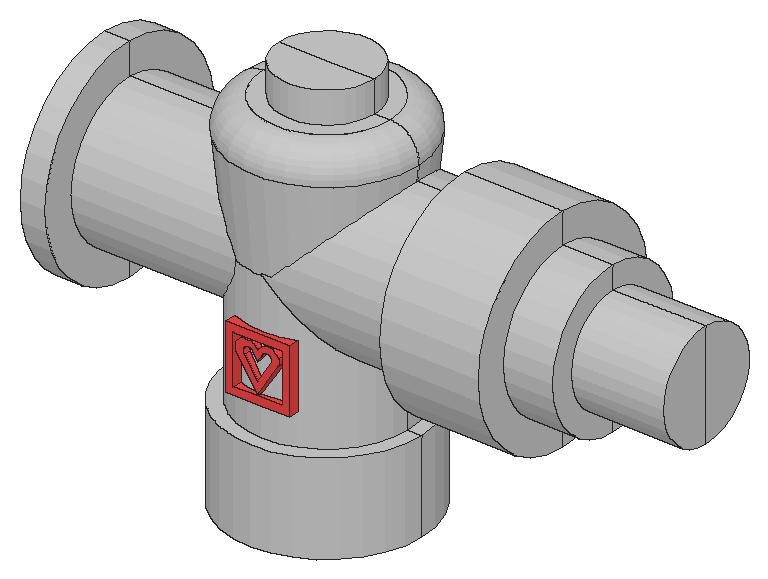
Revit family "Термостатический клапан HERZ-TS-98-VH М 30х1,5 с плавной, открытой преднастройкой, угловой, осевой специальный 7628", category Rohrzubehör, Revit 2019
Family settings
  Bemaßung runder Anschluss = Durchmesser verwenden
  Teiletyp = Unterbricht
  OmniClass-Nummer = 23.65.55.14
  OmniClass-Titel = Valves for Liquid Services
  Arbeitsebenenbasiert = Nein
  Immer vertikal = Ja
  Beim Laden mit Abzugskörper schneiden = Nein
  Gemeinsam genutzt = Nein
Parameters
  Среда = "Качество воды в соответствии с ÖNORM H 5195 или директивой VDI 2035."
  Соединительная резьба для термостатической головки = "M30x1.5"  # constant formula
  Область применения = "Системы водяного отопления, в которых гидравлическая балансировка с помощью запорных клапанов для отключения радиаторов невозможна или нежелательна."
  Номер заказа = 1762826  # constant formula
  Макс. рабочее давление = 1000000.0 Pa  # constant formula
  Макс. рабочая температура = 120 °C  # constant formula
  Корпус = "Никелированная латунь"  # constant formula
  Исполнение = "Все модели поставляются в никелированном исполнении со светло-серым защитным колпачком."
  Защитный колпачок = "Пластик, светло-серый"  # constant formula
  URL = "www.herz-armaturen.ru"
  SCRNSEQ = "ARM;ARM_TYP=\"ALLF\";2"
  SCRNCODE = "05;00;02"  # constant formula
  S02 = L06 + L07 - L03  # 26.800 mm
  S01 = 10.000 mm  # constant formula
  R06 = 4.000 mm  # constant formula
  R05 = 13.500 mm  # constant formula
  R04 = 11.500 mm  # constant formula
  R03 = 9.000 mm  # constant formula
  R02 = 6.750 mm  # constant formula
  R01 = 7.000 mm  # constant formula
  Nennweite = 15.000 mm  # constant formula
  LO1 = 16.000 mm  # constant formula
  L11 = L01 - L05  # 28.000 mm
  L10 = 7.500 mm  # constant formula
  L09 = 19.500 mm  # constant formula
  L08 = 13.200 mm  # constant formula
  L07 = 20.300 mm  # constant formula
  L06 = 14.000 mm  # constant formula
  L05 = 3.500 mm  # constant formula
  L04 = 28.000 mm  # constant formula
  L03 = 7.500 mm  # constant formula
  L02 = 27.000 mm  # constant formula
  L01 = 31.500 mm  # constant formula
  Hersteller = "HERZ Armaturen Ges.m.b.H."  # constant formula
  H04 = 12.900 mm  # constant formula
  H03 = 4.400 mm  # constant formula
  H02 = 22.350 mm  # constant formula
  H01 = 33.500 mm  # constant formula
  GT = 9.500 mm  # constant formula
  G2 = Nennweite / 2  # 7.500 mm
  G1 = Nennweite / 2  # 7.500 mm
  D08 = 5.300 mm  # constant formula
  D07 = 17.100 mm  # constant formula
  D06 = 10.650 mm  # constant formula
  D05 = 15.000 mm  # constant formula
  D04 = 9.525 mm  # constant formula
  D03 = 11.500 mm  # constant formula
  D02 = 10.500 mm  # constant formula
  D01 = 15.000 mm  # constant formula
Reference planes
  plane 1 "Mitte (Vorne/hinten)": y = 0
  plane 2: z = 0
  plane 3 "Mitte (Links/rechts)": x = 0
Forms (mm)
  Revolve 1, solid, material "Messing, weicher Gelbton, geschweißt", detail levels fine
    sketch origin (0, 0, 0) x (1, 0, 0) y (0, 0, 1)
      loop
        line (27, 0) -> (27, 9.525) -> (19.5, 9.525) -> (19.5, 11.5) -> (0, 11.5) -> (0, 10.5) -> (-28, 10.5) -> (-28, 15) -> (-31.5, 15) -> (-31.5, 0) -> (27, 0)
      axis (-31.5, 0) -> (27, 0)
    angle from 0 to 360
  Revolve 2, solid, material "Messing, weicher Gelbton, geschweißt", detail levels fine
    sketch origin (0, 0, 0) x (1, 0, 0) y (0, 0, 1)
      loop
        line (27, 0) -> (53.8, 0) -> (53.8, 7.5) -> (40.6, 7.5) -> (40.6, 10.65) -> (33.5, 10.65) -> (33.5, 15) -> (19.5, 15) -> (19.5, 9.525) -> (27, 9.525) -> (27, 0)
      axis (19.5, 0) -> (53.8, 0)
    angle from 0 to 360
  Revolve 3, solid, material "Messing, weicher Gelbton, geschweißt", detail levels fine
    sketch origin (0, 0, 0) x (1, 0, 0) y (0, 0, 1)
      loop
        line (0, 22.35) -> (0, -24) -> (7.5, -24) -> (7.5, -33.5) -> (13.5, -33.5) -> (13.5, -20.6) -> (11.5, -20.6) -> (11.5, 0) -> (12.969, 13.456)
        arc (12.969, 13.456) -> (11.998, 16.598) -> (9, 17.95) r 4
        line (9, 17.95) -> (6.75, 17.95) -> (6.75, 22.35) -> (0, 22.35)
      axis (0, 22.35) -> (0, -33.5)
    angle from 0 to 360
Lines and regions (mm)
  model lines, detail levels coarse+medium
    curve 1: line (0, 0, 0) -> (-13.5, 0, -33.5)
    curve 2: line (-13.5, 0, -33.5) -> (13.5, 0, -33.5)
    curve 3: line (13.5, 0, -33.5) -> (0, 0, 0)
    curve 4: line (0, 0, 0) -> (27, 0, 15)
    curve 5: line (27, 0, 15) -> (27, 0, -15)
    curve 6: line (27, 0, -15) -> (0, 0, 0)
    curve 7: line (0, 0, 0) -> (-31.5, 0, 0)
    curve 8: line (27, 0, 15) -> (37, 0, 15)
    curve 9: line (37, 0, 15) -> (27, 0, 0)
    curve 10: line (27, 0, -15) -> (37, 0, -15)
    curve 11: line (37, 0, -15) -> (27, 0, 0)
    curve 12: line (27, 0, 0) -> (53.8, 0, 0)
    curve 13: line (0, 0, 0) -> (-13.5, -33.5, 0)
    curve 14: line (-13.5, -33.5, 0) -> (13.5, -33.5, 0)
    curve 15: line (13.5, -33.5, 0) -> (0, 0, 0)
    curve 16: line (0, 0, 0) -> (27, 15, 0)
    curve 17: line (27, 15, 0) -> (27, -15, 0)
    curve 18: line (27, -15, 0) -> (0, 0, 0)
    curve 19: line (27, 15, 0) -> (37, 15, 0)
    curve 20: line (37, 15, 0) -> (27, 0, 0)
    curve 21: line (27, -15, 0) -> (37, -15, 0)
    curve 22: line (37, -15, 0) -> (27, 0, 0)
Dimensions and locks
  "D01": Revolve 1 sketch curve to Revolve 1 sketch curve
  "L05": Revolve 1 sketch curve to Revolve 1 sketch curve
  "D02": Revolve 1 sketch curve to Revolve 1 sketch curve
  "L01": plane 3 "Mitte (Links/rechts)" to Revolve 1 sketch curve
  "L02": plane 3 "Mitte (Links/rechts)" to Revolve 1 sketch curve
  "D03": Revolve 1 sketch curve to Revolve 1 sketch curve
  "D04": Revolve 1 sketch curve to Revolve 1 sketch curve
  "L04": Revolve 1 sketch curve to Revolve 1 sketch curve
  "L03": Revolve 1 sketch curve to Revolve 1 sketch curve
  "L06": Revolve 2 sketch curve to Revolve 2 sketch curve
  "L03": Revolve 2 sketch curve to Revolve 1
  "L02": Revolve 2 sketch curve to plane 3 "Mitte (Links/rechts)"
  "L07": Revolve 2 sketch curve to Revolve 2 sketch curve
  "L08": Revolve 2 sketch curve to Revolve 2 sketch curve
  "D04": Revolve 2 sketch curve to Revolve 2 sketch curve
  "D05": Revolve 2 sketch curve to Revolve 2 sketch curve
  "G2": Revolve 2 sketch curve to Revolve 2 sketch curve
  "D06": Revolve 2 sketch curve to Revolve 2 sketch curve
  "H01": plane 2 to Revolve 3 sketch curve
  "H02": Revolve 3 sketch curve to plane 2
  "R02": Revolve 3 sketch curve to Revolve 3 sketch curve
  "H03": Revolve 3 sketch curve to Revolve 3 sketch curve
  "H04": Revolve 3 sketch curve to Revolve 3 sketch curve
  "R05": Revolve 3 sketch curve to Revolve 3 sketch curve
  "R04": Revolve 3 sketch curve to Revolve 3 sketch curve
  "R03": Revolve 3 sketch curve to plane 3 "Mitte (Links/rechts)"
  "GT": Revolve 3 sketch curve to Revolve 3 sketch curve
  "G1": Revolve 3 sketch curve to Revolve 3 sketch curve
  "H01": plane 2 to curve 2
  "R05": curve 3 to plane 3 "Mitte (Links/rechts)" to curve 2
  "L02": curve 5 to plane 3 "Mitte (Links/rechts)"
  "D05": curve 8 to plane 2 to curve 10
  "S01": curve 5 to curve 9
  "S02": curve 12 to curve 12
  "L01": curve 7 to curve 7
  "H01": curve 14 to plane 1 "Mitte (Vorne/hinten)"
  "R05": curve 14 to plane 3 "Mitte (Links/rechts)" to curve 15
  "L02": plane 3 "Mitte (Links/rechts)" to curve 17
  "S01": curve 17 to curve 20
  "S01": curve 5 to curve 11
  "S01": curve 17 to curve 22
  "D05": curve 21 to plane 1 "Mitte (Vorne/hinten)" to curve 19
  "R04": nested 1 to plane 1 "Mitte (Vorne/hinten)"
  "LO1": plane 2 to nested 1
  "R06": radius of Revolve 3 sketch curve
  aligned and locked: level to plane 2
Automatic sketch dimensions
  curve 7 to level = 0.000 mm
  curve 1 to plane 3 "Mitte (Links/rechts)" = 0.000 mm
  curve 11 to level = 0.000 mm
  plane 1 "Mitte (Vorne/hinten)" to curve 13 = 0.000 mm
  curve 13 to plane 3 "Mitte (Links/rechts)" = 0.000 mm
  plane 1 "Mitte (Vorne/hinten)" to curve 20 = 0.000 mm
  Revolve 1 sketch curve to level = 0.000 mm  (x2)
  Revolve 1 sketch curve to Revolve 1 sketch curve = 1475.030 mm
  Revolve 1 sketch curve to Revolve 1 sketch curve = 1812.148 mm
  Revolve 2 sketch curve to level = 0.000 mm  (x2)
  Revolve 2 sketch curve to plane 3 "Mitte (Links/rechts)" = 1506.530 mm
  Revolve 2 sketch curve to Revolve 2 sketch curve = 1785.348 mm
  Revolve 3 sketch curve to plane 3 "Mitte (Links/rechts)" = 0.000 mm  (x2)
  Revolve 3 sketch curve to level = 0.000 mm
  Revolve 3 sketch curve to Revolve 3 sketch curve = 3.969 mm
  Revolve 3 sketch curve to Revolve 3 sketch curve = 332.545 mm
  Revolve 3 sketch curve to Revolve 3 sketch curve = 2191.965 mm
Nested families
  nested 1: "Herz-Logo-vorne" at (0, -11.5, -11.5) x (0, 1, 0) z (0, 0, 1), type "Herz-Logo-vorne"
Connectors
  piping at (53.8, 0, 0), diameter 15, driven by "Nennweite"
    settings: on Revolve 2, index 1, connector inside diameter 609.6 mm, connector length 0.000 mm, flow factor 0, pipe flow 0.0 L/s, pressure drop 0.0 Pa, fitting loss kfactor 0, connector angle 0.00°, fixture units 0, engagement length 0.000 mm, angle of deflection 0.00°, flow configuration 0, flow direction 2, fitting loss method 0, system type 7, joint type 0, gender type 0, connector reference index -1, connector utility 0, adjustable connector no, is connector primary yes, connector description ""
  piping at (0, 0, -24), diameter 15, driven by "Nennweite"
    settings: on Revolve 3, index 5, connector inside diameter 609.6 mm, connector length 0.000 mm, flow factor 0, pipe flow 0.0 L/s, pressure drop 0.0 Pa, fitting loss kfactor 0, connector angle 0.00°, fixture units 0, engagement length 0.000 mm, angle of deflection 0.00°, flow configuration 0, flow direction 1, fitting loss method 0, system type 7, joint type 0, gender type 0, connector reference index -1, connector utility 0, adjustable connector no, is connector primary no, connector description ""
Definition of nested family "Herz-Logo-vorne"
  Reference planes
    plane 1 "Mitte (Vorne/hinten)": y = 0
    plane 2: z = 0
    plane 3 "Mitte (Links/rechts)": x = 0
  Forms (mm)
    Extrusion 1, solid
      sketch origin (0.732, -0.018, 0.017) x (0, -1, 0) y (0, 0, 1)
        loop
          line (-0.018, -4.517) -> (4.482, -4.517) -> (4.482, 4.483) -> (-4.518, 4.483) -> (-4.518, -4.517) -> (-0.018, -4.517)
        loop
          line (-0.05, -3.48) -> (3.482, -3.48) -> (3.482, 3.483) -> (-3.518, 3.483) -> (-3.518, -3.48) -> (-0.05, -3.48)
        loop
          arc (-0.018, 2.383) -> (-1.543, 3.287) -> (-3.067, 2.383) r 1.738
          arc (-3.067, 2.383) -> (-3.191, 1.899) -> (-3.067, 1.415) r 1.009
          line (-3.067, 1.415) -> (-0.018, -3.281) -> (3.032, 1.415)
          arc (3.032, 1.415) -> (3.156, 1.899) -> (3.032, 2.383) r 1.009
          arc (3.032, 2.383) -> (1.507, 3.287) -> (-0.018, 2.383) r 1.738
        loop
          arc (1.885, 1.272) -> (2.005, 1.675) -> (1.885, 2.079) r 0.74
          arc (1.885, 2.079) -> (1.265, 2.416) -> (0.644, 2.079) r 0.74
          line (0.644, 2.079) -> (-0.018, 0.97) -> (-0.679, 2.079)
          arc (-0.679, 2.079) -> (-1.3, 2.416) -> (-1.921, 2.079) r 0.74
          arc (-1.921, 2.079) -> (-2.04, 1.675) -> (-1.921, 1.272) r 0.74
          line (-1.921, 1.272) -> (-0.018, -1.658) -> (1.885, 1.272)
      from 0 to 1.5
  Dimensions and locks
    aligned and locked: level to plane 2
